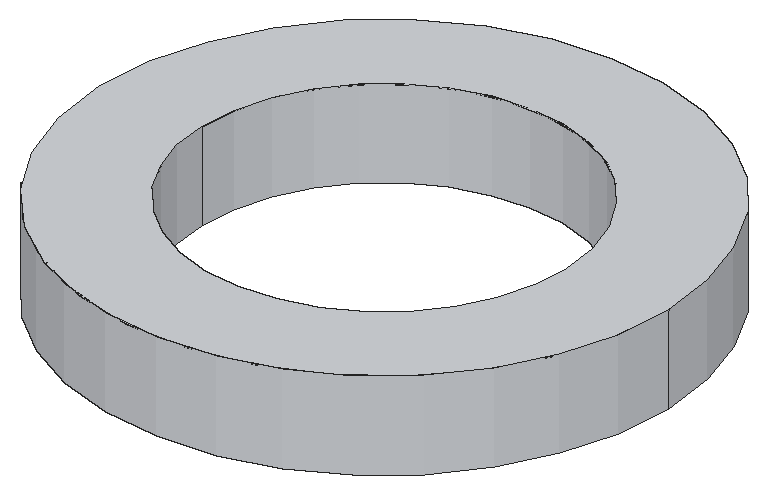
Revit family "LR16", category Generic Models, Revit 2017
Family settings
  Can host rebar = No
  Round Connector Dimension = Use Diameter
  Part Type = Normal
  Work Plane-Based = Yes
  Always vertical = No
  Cut with Voids When Loaded = No
  Shared = No
  Room Calculation Point = No
Parameters (values of type "NBS Standard Parameters")
  Weight = "0.008Kg"
  WarrantyStartDate [instance] = "1900-12-31T23:59:59"
  WarrantyGuarantorParts = "n/a"
  WarrantyGuarantorLabor = "n/a"
  WarrantyDurationUnit = "1 year"
  WarrantyDurationParts = "n/a"
  WarrantyDurationLabor = "n/a"
  WarrantyDescription = "n/a"
  Version = "1"
  Uniclass2 = "Pr _65_70_11_20"
  TagNumber [instance] = "n/a"
  SustainabilityPerformance = "n/a"
  Size = "16mm"
  Shape = "Circular"
  SerialNumber [instance] = "n/a"
  Revision = "n/a"
  ReplacementCost = "n/a"
  ProductInformation = "www.metpro.co.uk/pdf/LR16.pdf"
  NominalWidth = 24.5 mm
  NominalLength = 24.5 mm
  NominalHeight = 3.9 mm
  Name = ""
  NBSTypeID = ""
  NBSReference = "90-55-10/460"
  NBSOfficeMasterTag = ""
  NBSNote = ""
  NBSDescription = "Conduit Fittings"
  NBSCertification = ""
  ModelReference = "LR16"
  ModelNumber = "n/a"
  Material = "Steel"
  ManufacturerURL = "www.metpro.co.uk"
  ManufacturerName = "Metpro Ltd"
  Keynote = "Compliant to LU  Standard 1-085"
  InstallationDate [instance] = "1900-12-31T23:59:59"
  IfcExportType = ""
  IfcExportAs = ""
  Grade = "n/a"
  Finish = "BZP"
  Features = "n/a"
  ExpectedLife = "n/a"
  DurationUnit = "year"
  Description = "LR16         16mm Milled Edge Lockring"
  Default Elevation = 1219.2 mm
  Constituents = "n/a"
  Color = "n/a"
  CodePerformance = "n/a"
  Category = "n/a"
  BarCode [instance] = "n/a"
  BIMObjectName = "Metpro_Metprolibrary_Conduitfittings_Metalcomponent_Steelaccessories"
  Author = "Metpro Ltd"
  AssetType = ""
  AssetIdentifier [instance] = "n/a"
  AccessibilityPerformance = "n/a"
Reference planes
  plane 1 "Center (Front/Back)": y = 0
  plane 2: z = 0
  plane 3 "Center (Left/Right)": x = 0
Forms (mm)
  Extrusion 1, solid
    sketch origin (0, 0, 0) x (1, 0, 0) y (0, 1, 0)
      loop
        circle (0, 0) r 8
      loop
        circle (0, 0) r 12.5
    from 0 to 3.9
Dimensions and locks
  aligned and locked: level to plane 2
